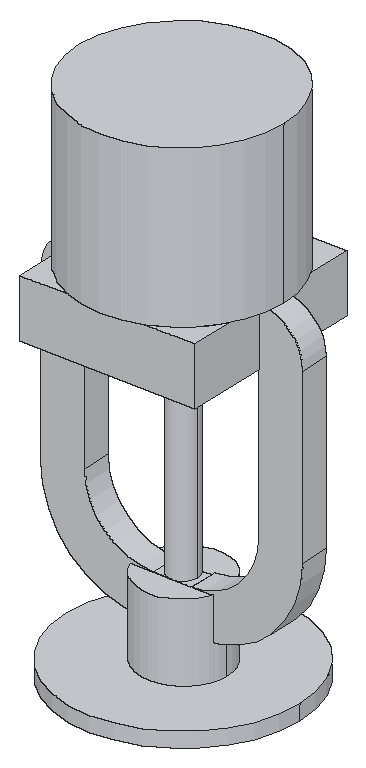
Revit family
Parameters (values of type "RASCO F1FR56 PENDENT")
  Temperature Rating = 200 °F
  Response = 1
  RASCO SIN # = "RA1414"
  RASCO Part # = "F1FR56P2W"
  Pressure Rating = "175 PSI"
  Pressure Class = (empty or 0)
  Orifice Size = 1/2"
  Orifice = (empty or 0)
  Model = "F1FR56"
  Manufacturer = "RASCO"
  K-Factor = 5.6
  Description = "White Finish"
  Coverage = (empty or 0)
Reference planes (in)
  plane 1 "Center (Front/Back)": y = 0
  plane 2: z = 0
  plane 3 "Center (Left/Right)": x = 0
Dimensions and locks (in)
  aligned and locked: plane 2 to level
Nested families (in)
  nested 1: "F1FR56P2W" at (-0.0113, 0, 2.4375) x (-1, 0, 0) z (0, 0, -1), type "RASCO F1FR56 PENDENT"
Connectors (in)
  piping at (-0.0113, 0, 2.4375)
    settings: on nested 1, index 1, connector radius 115/256", flow factor 0, pipe flow 0 GPM, pressure drop 0.00 psi, fitting loss kfactor 0, connector angle 0.00°, fixture units 0, flow configuration 0, flow direction 0, fitting loss method 0, system type 7, connector reference index -1, connector utility 0, adjustable connector no, is connector primary yes, fitting loss table "", connector description ""
Definition of nested family "F1FR56P2W"
  Parameters (values of type "RASCO F1FR56 PENDENT")
    Type Comments = ""
    Temperature Rating = 0 °F
    Response = (empty or 0)
    Pressure Rating = "0"
    Pressure Class = (empty or 0)
    Orifice Size = 0"
    Orifice = (empty or 0)
    Model = ""
    Manufacturer = ""
    K-Factor = 0
    Description = ""
    Coverage = (empty or 0)
    Assembly Code = ""
  Reference planes (in)
    plane 1 "Center (Front/Back)": y = 0
    plane 2: z = 0
    plane 3 "ref.2": z = 0.6875
    plane 4 "ref.3": z = 0.9375
    plane 5: x = -0.38065
    plane 6: x = 0.36935
    plane 7 "ref. side 1": y = 0.06402
    plane 8 "ref. side 2": y = -0.06098
    plane 9 "ref.4": z = 1.875
    plane 10 "ref.5": z = 2.3125
    plane 11 "ref.6": z = 2.4375
  Forms (in)
    Extrusion 1, solid
      sketch origin (0, 0, 0) x (1, 0, 0) y (0, 1, 0)
        loop
          circle (0, 0) r 0.4379
      from 0 to 0.6875
    Extrusion 2, solid
      sketch origin (-0.12185, 0.05177, 0.6875) x (1, 0, 0) y (0, 1, 0)
        loop
          line (-0.2588, 0.356) -> (-0.2588, -0.4565) -> (0.4912, -0.4565) -> (0.4912, 0.356) -> (-0.2588, 0.356)
      from 0 to 0.25
    Extrusion 3, solid
      sketch origin (0, 0, 0) x (1, 0, 0) y (0, 0, 1)
        loop
          line (-0.38065, 0.68754) -> (-0.38065, 1.58397)
          arc (-0.38065, 1.58397) -> (-0.29541, 1.78976) -> (-0.08962, 1.875) r 0.29103
          line (-0.08962, 1.875) -> (0.07524, 1.875)
          arc (0.07524, 1.875) -> (0.28321, 1.78886) -> (0.36935, 1.58089) r 0.29411
          line (0.36935, 1.58089) -> (0.36935, 0.68751)
          arc (0.36935, 0.68751) -> (0.50207, 0.74393) -> (0.55685, 0.87734) r 0.18984
          line (0.55685, 0.87734) -> (0.55685, 1.61676)
          arc (0.55685, 1.61676) -> (0.42629, 1.93194) -> (0.11111, 2.0625) r 0.44574
          line (0.11111, 2.0625) -> (-0.12259, 2.0625)
          arc (-0.12259, 2.0625) -> (-0.43765, 1.932) -> (-0.56815, 1.61694) r 0.44556
          line (-0.56815, 1.61694) -> (-0.56815, 0.87876)
          arc (-0.56815, 0.87876) -> (-0.51345, 0.74486) -> (-0.38065, 0.68754) r 0.19126
      from -0.06402 to 0.06098
    Extrusion 4, solid
      sketch origin (0, 0, 0.9375) x (-1, 0, 0) y (0, -1, 0)
        loop
          circle (0.00574, -0.00152) r 0.0625
      from 0 to 0.9375
    Extrusion 5, solid
      sketch origin (0, 0, 1.875) x (-1, 0, 0) y (0, -1, 0)
        loop
          circle (0.00574, -0.00152) r 0.1875
      from 0 to 0.4375
    Extrusion 6, solid
      sketch origin (0, 0, 2.3125) x (0, -1, 0) y (1, 0, 0)
        loop
          circle (-0.00152, -0.00574) r 0.5
      from -0.10531 to -0.03987
  Cuts and joins
    joined: Extrusion 1, Extrusion 2, Extrusion 4
  Lines and regions (in)
    model lines
      curve 1: line (-0.00574, 0.06402, 1.875) -> (-0.00574, -0.06098, 1.875)
